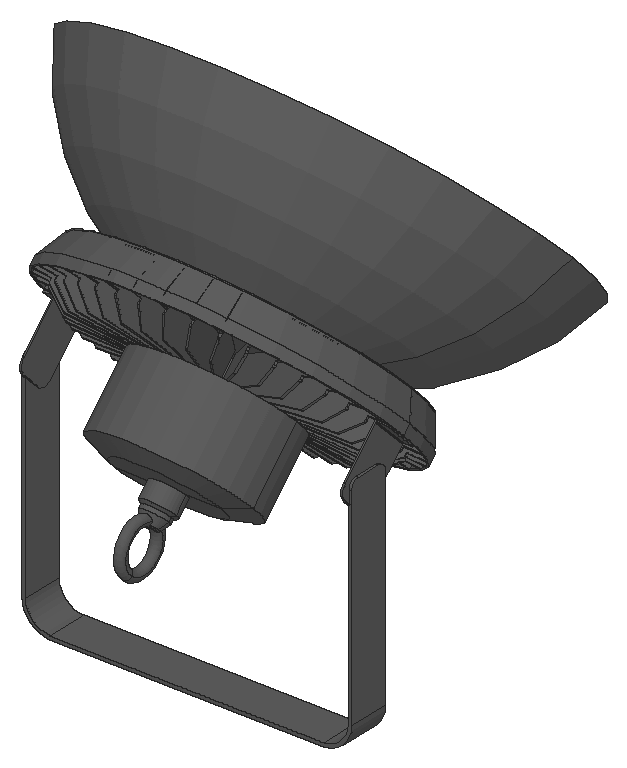
Revit family "0039363+0039354+0039357 Sylvania Lighting Fixture START HighBay IP65 DALI 19000lm 840 MB with BRACKET and ALU SHADE BLACK COLOR FOR 13 19KLM", category Lighting Fixtures, host Face, Revit 2016 (continued)
Definition of nested family "Start LED Highbay DALI Head"
  Nested families
    nested 6: "Start Highbay Rib" at (0, 0, 80.875) x (0.7071, 0.7071, 0) z (0, 0, 1), type "Type Name", detail levels medium+fine
      with SuspensionHeight_FEILO 2.6 mm, WidthStraight_FEILO 4.7 mm, WidthRingChamfer_FEILO 12.9 mm, WidthCurved_FEILO 26.2 mm, WidthCurvedRing_FEILO 4.7 mm, SizeS_FEILO no, Rib4_FEILO 14.6 mm, Rib3_FEILO 20.2 mm, Rib2_FEILO 4.5 mm, Rib1_FEILO 19 mm, RadiusDiffuser_FEILO 120 mm, RHRadius3_FEILO 8.6 mm, RHRadius2_FEILO 14 mm, RHRadius1_FEILO 17.7 mm, RHHeight4_FEILO 9.2 mm, RHHeight3_FEILO 4.6 mm, RHHeight2_FEILO 2.6 mm, RHHeight1_FEILO 17.4 mm, HeightRing_FEILO 36.8 mm, HeightRingChamfer_FEILO 26.6 mm, EyeThickness_FEILO 10.5 mm, EyeThicknessHalf_FEILO 5.25 mm, EyeInner_FEILO 17.3 mm, DriverVerticalStraight_FEILO 57 mm, DriverVerticalChamfer_FEILO 9.5 mm, DriverRadius_FEILO 76.4 mm, DriverRadiusTop_FEILO 52.4 mm, DriverBottom_FEILO 74 mm, Radius_FEILO 169.5 mm
    nested 7: "Start Highbay Rib" at (0, 0, 80.875) x (0.5878, 0.809, 0) z (0, 0, 1), type "Type Name", detail levels medium+fine
      with SuspensionHeight_FEILO 2.6 mm, WidthStraight_FEILO 4.7 mm, WidthRingChamfer_FEILO 12.9 mm, WidthCurved_FEILO 26.2 mm, WidthCurvedRing_FEILO 4.7 mm, SizeS_FEILO no, Rib4_FEILO 14.6 mm, Rib3_FEILO 20.2 mm, Rib2_FEILO 4.5 mm, Rib1_FEILO 19 mm, RadiusDiffuser_FEILO 120 mm, RHRadius3_FEILO 8.6 mm, RHRadius2_FEILO 14 mm, RHRadius1_FEILO 17.7 mm, RHHeight4_FEILO 9.2 mm, RHHeight3_FEILO 4.6 mm, RHHeight2_FEILO 2.6 mm, RHHeight1_FEILO 17.4 mm, HeightRing_FEILO 36.8 mm, HeightRingChamfer_FEILO 26.6 mm, EyeThickness_FEILO 10.5 mm, EyeThicknessHalf_FEILO 5.25 mm, EyeInner_FEILO 17.3 mm, DriverVerticalStraight_FEILO 57 mm, DriverVerticalChamfer_FEILO 9.5 mm, DriverRadius_FEILO 76.4 mm, DriverRadiusTop_FEILO 52.4 mm, DriverBottom_FEILO 74 mm, Radius_FEILO 169.5 mm
    nested 8: "Start Highbay Rib" at (0, 0, 80.875) x (0.454, 0.891, 0) z (0, 0, 1), type "Type Name", detail levels medium+fine
      with SuspensionHeight_FEILO 2.6 mm, WidthStraight_FEILO 4.7 mm, WidthRingChamfer_FEILO 12.9 mm, WidthCurved_FEILO 26.2 mm, WidthCurvedRing_FEILO 4.7 mm, SizeS_FEILO no, Rib4_FEILO 14.6 mm, Rib3_FEILO 20.2 mm, Rib2_FEILO 4.5 mm, Rib1_FEILO 19 mm, RadiusDiffuser_FEILO 120 mm, RHRadius3_FEILO 8.6 mm, RHRadius2_FEILO 14 mm, RHRadius1_FEILO 17.7 mm, RHHeight4_FEILO 9.2 mm, RHHeight3_FEILO 4.6 mm, RHHeight2_FEILO 2.6 mm, RHHeight1_FEILO 17.4 mm, HeightRing_FEILO 36.8 mm, HeightRingChamfer_FEILO 26.6 mm, EyeThickness_FEILO 10.5 mm, EyeThicknessHalf_FEILO 5.25 mm, EyeInner_FEILO 17.3 mm, DriverVerticalStraight_FEILO 57 mm, DriverVerticalChamfer_FEILO 9.5 mm, DriverRadius_FEILO 76.4 mm, DriverRadiusTop_FEILO 52.4 mm, DriverBottom_FEILO 74 mm, Radius_FEILO 169.5 mm
    nested 9: "Start Highbay Rib" at (0, 0, 80.875) x (0.309, 0.9511, 0) z (0, 0, 1), type "Type Name", detail levels medium+fine
      with SuspensionHeight_FEILO 2.6 mm, WidthStraight_FEILO 4.7 mm, WidthRingChamfer_FEILO 12.9 mm, WidthCurved_FEILO 26.2 mm, WidthCurvedRing_FEILO 4.7 mm, SizeS_FEILO no, Rib4_FEILO 14.6 mm, Rib3_FEILO 20.2 mm, Rib2_FEILO 4.5 mm, Rib1_FEILO 19 mm, RadiusDiffuser_FEILO 120 mm, RHRadius3_FEILO 8.6 mm, RHRadius2_FEILO 14 mm, RHRadius1_FEILO 17.7 mm, RHHeight4_FEILO 9.2 mm, RHHeight3_FEILO 4.6 mm, RHHeight2_FEILO 2.6 mm, RHHeight1_FEILO 17.4 mm, HeightRing_FEILO 36.8 mm, HeightRingChamfer_FEILO 26.6 mm, EyeThickness_FEILO 10.5 mm, EyeThicknessHalf_FEILO 5.25 mm, EyeInner_FEILO 17.3 mm, DriverVerticalStraight_FEILO 57 mm, DriverVerticalChamfer_FEILO 9.5 mm, DriverRadius_FEILO 76.4 mm, DriverRadiusTop_FEILO 52.4 mm, DriverBottom_FEILO 74 mm, Radius_FEILO 169.5 mm
    nested 10: "Start Highbay Rib" at (0, 0, 80.875) x (0.1564, 0.9877, 0) z (0, 0, 1), type "Type Name", detail levels medium+fine
      with SuspensionHeight_FEILO 2.6 mm, WidthStraight_FEILO 4.7 mm, WidthRingChamfer_FEILO 12.9 mm, WidthCurved_FEILO 26.2 mm, WidthCurvedRing_FEILO 4.7 mm, SizeS_FEILO no, Rib4_FEILO 14.6 mm, Rib3_FEILO 20.2 mm, Rib2_FEILO 4.5 mm, Rib1_FEILO 19 mm, RadiusDiffuser_FEILO 120 mm, RHRadius3_FEILO 8.6 mm, RHRadius2_FEILO 14 mm, RHRadius1_FEILO 17.7 mm, RHHeight4_FEILO 9.2 mm, RHHeight3_FEILO 4.6 mm, RHHeight2_FEILO 2.6 mm, RHHeight1_FEILO 17.4 mm, HeightRing_FEILO 36.8 mm, HeightRingChamfer_FEILO 26.6 mm, EyeThickness_FEILO 10.5 mm, EyeThicknessHalf_FEILO 5.25 mm, EyeInner_FEILO 17.3 mm, DriverVerticalStraight_FEILO 57 mm, DriverVerticalChamfer_FEILO 9.5 mm, DriverRadius_FEILO 76.4 mm, DriverRadiusTop_FEILO 52.4 mm, DriverBottom_FEILO 74 mm, Radius_FEILO 169.5 mm
    nested 11: "Start Highbay Rib" at (0, 0, 80.875) x (0, 1, 0) z (0, 0, 1), type "Type Name", detail levels medium+fine
      with SuspensionHeight_FEILO 2.6 mm, WidthStraight_FEILO 4.7 mm, WidthRingChamfer_FEILO 12.9 mm, WidthCurved_FEILO 26.2 mm, WidthCurvedRing_FEILO 4.7 mm, SizeS_FEILO no, Rib4_FEILO 14.6 mm, Rib3_FEILO 20.2 mm, Rib2_FEILO 4.5 mm, Rib1_FEILO 19 mm, RadiusDiffuser_FEILO 120 mm, RHRadius3_FEILO 8.6 mm, RHRadius2_FEILO 14 mm, RHRadius1_FEILO 17.7 mm, RHHeight4_FEILO 9.2 mm, RHHeight3_FEILO 4.6 mm, RHHeight2_FEILO 2.6 mm, RHHeight1_FEILO 17.4 mm, HeightRing_FEILO 36.8 mm, HeightRingChamfer_FEILO 26.6 mm, EyeThickness_FEILO 10.5 mm, EyeThicknessHalf_FEILO 5.25 mm, EyeInner_FEILO 17.3 mm, DriverVerticalStraight_FEILO 57 mm, DriverVerticalChamfer_FEILO 9.5 mm, DriverRadius_FEILO 76.4 mm, DriverRadiusTop_FEILO 52.4 mm, DriverBottom_FEILO 74 mm, Radius_FEILO 169.5 mm
    nested 12: "Start Highbay Rib" at (0, 0, 80.875) x (-0.1564, 0.9877, 0) z (0, 0, 1), type "Type Name", detail levels medium+fine
      with SuspensionHeight_FEILO 2.6 mm, WidthStraight_FEILO 4.7 mm, WidthRingChamfer_FEILO 12.9 mm, WidthCurved_FEILO 26.2 mm, WidthCurvedRing_FEILO 4.7 mm, SizeS_FEILO no, Rib4_FEILO 14.6 mm, Rib3_FEILO 20.2 mm, Rib2_FEILO 4.5 mm, Rib1_FEILO 19 mm, RadiusDiffuser_FEILO 120 mm, RHRadius3_FEILO 8.6 mm, RHRadius2_FEILO 14 mm, RHRadius1_FEILO 17.7 mm, RHHeight4_FEILO 9.2 mm, RHHeight3_FEILO 4.6 mm, RHHeight2_FEILO 2.6 mm, RHHeight1_FEILO 17.4 mm, HeightRing_FEILO 36.8 mm, HeightRingChamfer_FEILO 26.6 mm, EyeThickness_FEILO 10.5 mm, EyeThicknessHalf_FEILO 5.25 mm, EyeInner_FEILO 17.3 mm, DriverVerticalStraight_FEILO 57 mm, DriverVerticalChamfer_FEILO 9.5 mm, DriverRadius_FEILO 76.4 mm, DriverRadiusTop_FEILO 52.4 mm, DriverBottom_FEILO 74 mm, Radius_FEILO 169.5 mm
    nested 13: "Start Highbay Rib" at (0, 0, 80.875) x (-0.309, 0.9511, 0) z (0, 0, 1), type "Type Name", detail levels medium+fine
      with SuspensionHeight_FEILO 2.6 mm, WidthStraight_FEILO 4.7 mm, WidthRingChamfer_FEILO 12.9 mm, WidthCurved_FEILO 26.2 mm, WidthCurvedRing_FEILO 4.7 mm, SizeS_FEILO no, Rib4_FEILO 14.6 mm, Rib3_FEILO 20.2 mm, Rib2_FEILO 4.5 mm, Rib1_FEILO 19 mm, RadiusDiffuser_FEILO 120 mm, RHRadius3_FEILO 8.6 mm, RHRadius2_FEILO 14 mm, RHRadius1_FEILO 17.7 mm, RHHeight4_FEILO 9.2 mm, RHHeight3_FEILO 4.6 mm, RHHeight2_FEILO 2.6 mm, RHHeight1_FEILO 17.4 mm, HeightRing_FEILO 36.8 mm, HeightRingChamfer_FEILO 26.6 mm, EyeThickness_FEILO 10.5 mm, EyeThicknessHalf_FEILO 5.25 mm, EyeInner_FEILO 17.3 mm, DriverVerticalStraight_FEILO 57 mm, DriverVerticalChamfer_FEILO 9.5 mm, DriverRadius_FEILO 76.4 mm, DriverRadiusTop_FEILO 52.4 mm, DriverBottom_FEILO 74 mm, Radius_FEILO 169.5 mm
    nested 14: "Start Highbay Rib" at (0, 0, 80.875) x (-0.454, 0.891, 0) z (0, 0, 1), type "Type Name", detail levels medium+fine
      with SuspensionHeight_FEILO 2.6 mm, WidthStraight_FEILO 4.7 mm, WidthRingChamfer_FEILO 12.9 mm, WidthCurved_FEILO 26.2 mm, WidthCurvedRing_FEILO 4.7 mm, SizeS_FEILO no, Rib4_FEILO 14.6 mm, Rib3_FEILO 20.2 mm, Rib2_FEILO 4.5 mm, Rib1_FEILO 19 mm, RadiusDiffuser_FEILO 120 mm, RHRadius3_FEILO 8.6 mm, RHRadius2_FEILO 14 mm, RHRadius1_FEILO 17.7 mm, RHHeight4_FEILO 9.2 mm, RHHeight3_FEILO 4.6 mm, RHHeight2_FEILO 2.6 mm, RHHeight1_FEILO 17.4 mm, HeightRing_FEILO 36.8 mm, HeightRingChamfer_FEILO 26.6 mm, EyeThickness_FEILO 10.5 mm, EyeThicknessHalf_FEILO 5.25 mm, EyeInner_FEILO 17.3 mm, DriverVerticalStraight_FEILO 57 mm, DriverVerticalChamfer_FEILO 9.5 mm, DriverRadius_FEILO 76.4 mm, DriverRadiusTop_FEILO 52.4 mm, DriverBottom_FEILO 74 mm, Radius_FEILO 169.5 mm
    nested 15: "Start Highbay Rib" at (0, 0, 80.875) x (-0.5878, 0.809, 0) z (0, 0, 1), type "Type Name", detail levels medium+fine
      with SuspensionHeight_FEILO 2.6 mm, WidthStraight_FEILO 4.7 mm, WidthRingChamfer_FEILO 12.9 mm, WidthCurved_FEILO 26.2 mm, WidthCurvedRing_FEILO 4.7 mm, SizeS_FEILO no, Rib4_FEILO 14.6 mm, Rib3_FEILO 20.2 mm, Rib2_FEILO 4.5 mm, Rib1_FEILO 19 mm, RadiusDiffuser_FEILO 120 mm, RHRadius3_FEILO 8.6 mm, RHRadius2_FEILO 14 mm, RHRadius1_FEILO 17.7 mm, RHHeight4_FEILO 9.2 mm, RHHeight3_FEILO 4.6 mm, RHHeight2_FEILO 2.6 mm, RHHeight1_FEILO 17.4 mm, HeightRing_FEILO 36.8 mm, HeightRingChamfer_FEILO 26.6 mm, EyeThickness_FEILO 10.5 mm, EyeThicknessHalf_FEILO 5.25 mm, EyeInner_FEILO 17.3 mm, DriverVerticalStraight_FEILO 57 mm, DriverVerticalChamfer_FEILO 9.5 mm, DriverRadius_FEILO 76.4 mm, DriverRadiusTop_FEILO 52.4 mm, DriverBottom_FEILO 74 mm, Radius_FEILO 169.5 mm
    nested 16: "Start Highbay Rib" at (0, 0, 80.875) x (-0.7071, 0.7071, 0) z (0, 0, 1), type "Type Name", detail levels medium+fine
      with SuspensionHeight_FEILO 2.6 mm, WidthStraight_FEILO 4.7 mm, WidthRingChamfer_FEILO 12.9 mm, WidthCurved_FEILO 26.2 mm, WidthCurvedRing_FEILO 4.7 mm, SizeS_FEILO no, Rib4_FEILO 14.6 mm, Rib3_FEILO 20.2 mm, Rib2_FEILO 4.5 mm, Rib1_FEILO 19 mm, RadiusDiffuser_FEILO 120 mm, RHRadius3_FEILO 8.6 mm, RHRadius2_FEILO 14 mm, RHRadius1_FEILO 17.7 mm, RHHeight4_FEILO 9.2 mm, RHHeight3_FEILO 4.6 mm, RHHeight2_FEILO 2.6 mm, RHHeight1_FEILO 17.4 mm, HeightRing_FEILO 36.8 mm, HeightRingChamfer_FEILO 26.6 mm, EyeThickness_FEILO 10.5 mm, EyeThicknessHalf_FEILO 5.25 mm, EyeInner_FEILO 17.3 mm, DriverVerticalStraight_FEILO 57 mm, DriverVerticalChamfer_FEILO 9.5 mm, DriverRadius_FEILO 76.4 mm, DriverRadiusTop_FEILO 52.4 mm, DriverBottom_FEILO 74 mm, Radius_FEILO 169.5 mm
    nested 17: "Start Highbay Rib" at (0, 0, 80.875) x (-0.809, 0.5878, 0) z (0, 0, 1), type "Type Name", detail levels medium+fine
      with SuspensionHeight_FEILO 2.6 mm, WidthStraight_FEILO 4.7 mm, WidthRingChamfer_FEILO 12.9 mm, WidthCurved_FEILO 26.2 mm, WidthCurvedRing_FEILO 4.7 mm, SizeS_FEILO no, Rib4_FEILO 14.6 mm, Rib3_FEILO 20.2 mm, Rib2_FEILO 4.5 mm, Rib1_FEILO 19 mm, RadiusDiffuser_FEILO 120 mm, RHRadius3_FEILO 8.6 mm, RHRadius2_FEILO 14 mm, RHRadius1_FEILO 17.7 mm, RHHeight4_FEILO 9.2 mm, RHHeight3_FEILO 4.6 mm, RHHeight2_FEILO 2.6 mm, RHHeight1_FEILO 17.4 mm, HeightRing_FEILO 36.8 mm, HeightRingChamfer_FEILO 26.6 mm, EyeThickness_FEILO 10.5 mm, EyeThicknessHalf_FEILO 5.25 mm, EyeInner_FEILO 17.3 mm, DriverVerticalStraight_FEILO 57 mm, DriverVerticalChamfer_FEILO 9.5 mm, DriverRadius_FEILO 76.4 mm, DriverRadiusTop_FEILO 52.4 mm, DriverBottom_FEILO 74 mm, Radius_FEILO 169.5 mm
    nested 18: "Start Highbay Rib" at (0, 0, 80.875) x (-0.891, 0.454, 0) z (0, 0, 1), type "Type Name", detail levels medium+fine
      with SuspensionHeight_FEILO 2.6 mm, WidthStraight_FEILO 4.7 mm, WidthRingChamfer_FEILO 12.9 mm, WidthCurved_FEILO 26.2 mm, WidthCurvedRing_FEILO 4.7 mm, SizeS_FEILO no, Rib4_FEILO 14.6 mm, Rib3_FEILO 20.2 mm, Rib2_FEILO 4.5 mm, Rib1_FEILO 19 mm, RadiusDiffuser_FEILO 120 mm, RHRadius3_FEILO 8.6 mm, RHRadius2_FEILO 14 mm, RHRadius1_FEILO 17.7 mm, RHHeight4_FEILO 9.2 mm, RHHeight3_FEILO 4.6 mm, RHHeight2_FEILO 2.6 mm, RHHeight1_FEILO 17.4 mm, HeightRing_FEILO 36.8 mm, HeightRingChamfer_FEILO 26.6 mm, EyeThickness_FEILO 10.5 mm, EyeThicknessHalf_FEILO 5.25 mm, EyeInner_FEILO 17.3 mm, DriverVerticalStraight_FEILO 57 mm, DriverVerticalChamfer_FEILO 9.5 mm, DriverRadius_FEILO 76.4 mm, DriverRadiusTop_FEILO 52.4 mm, DriverBottom_FEILO 74 mm, Radius_FEILO 169.5 mm
    nested 19: "Start Highbay Rib" at (0, 0, 80.875) x (-0.9511, 0.309, 0) z (0, 0, 1), type "Type Name", detail levels medium+fine
      with SuspensionHeight_FEILO 2.6 mm, WidthStraight_FEILO 4.7 mm, WidthRingChamfer_FEILO 12.9 mm, WidthCurved_FEILO 26.2 mm, WidthCurvedRing_FEILO 4.7 mm, SizeS_FEILO no, Rib4_FEILO 14.6 mm, Rib3_FEILO 20.2 mm, Rib2_FEILO 4.5 mm, Rib1_FEILO 19 mm, RadiusDiffuser_FEILO 120 mm, RHRadius3_FEILO 8.6 mm, RHRadius2_FEILO 14 mm, RHRadius1_FEILO 17.7 mm, RHHeight4_FEILO 9.2 mm, RHHeight3_FEILO 4.6 mm, RHHeight2_FEILO 2.6 mm, RHHeight1_FEILO 17.4 mm, HeightRing_FEILO 36.8 mm, HeightRingChamfer_FEILO 26.6 mm, EyeThickness_FEILO 10.5 mm, EyeThicknessHalf_FEILO 5.25 mm, EyeInner_FEILO 17.3 mm, DriverVerticalStraight_FEILO 57 mm, DriverVerticalChamfer_FEILO 9.5 mm, DriverRadius_FEILO 76.4 mm, DriverRadiusTop_FEILO 52.4 mm, DriverBottom_FEILO 74 mm, Radius_FEILO 169.5 mm
    nested 20: "Start Highbay Rib" at (0, 0, 80.875) x (-0.9877, 0.1564, 0) z (0, 0, 1), type "Type Name", detail levels medium+fine
      with SuspensionHeight_FEILO 2.6 mm, WidthStraight_FEILO 4.7 mm, WidthRingChamfer_FEILO 12.9 mm, WidthCurved_FEILO 26.2 mm, WidthCurvedRing_FEILO 4.7 mm, SizeS_FEILO no, Rib4_FEILO 14.6 mm, Rib3_FEILO 20.2 mm, Rib2_FEILO 4.5 mm, Rib1_FEILO 19 mm, RadiusDiffuser_FEILO 120 mm, RHRadius3_FEILO 8.6 mm, RHRadius2_FEILO 14 mm, RHRadius1_FEILO 17.7 mm, RHHeight4_FEILO 9.2 mm, RHHeight3_FEILO 4.6 mm, RHHeight2_FEILO 2.6 mm, RHHeight1_FEILO 17.4 mm, HeightRing_FEILO 36.8 mm, HeightRingChamfer_FEILO 26.6 mm, EyeThickness_FEILO 10.5 mm, EyeThicknessHalf_FEILO 5.25 mm, EyeInner_FEILO 17.3 mm, DriverVerticalStraight_FEILO 57 mm, DriverVerticalChamfer_FEILO 9.5 mm, DriverRadius_FEILO 76.4 mm, DriverRadiusTop_FEILO 52.4 mm, DriverBottom_FEILO 74 mm, Radius_FEILO 169.5 mm
    nested 21: "Start Highbay Rib" at (0, 0, 80.875) x (-1, 0, 0) z (0, 0, 1), type "Type Name", detail levels medium+fine
      with SuspensionHeight_FEILO 2.6 mm, WidthStraight_FEILO 4.7 mm, WidthRingChamfer_FEILO 12.9 mm, WidthCurved_FEILO 26.2 mm, WidthCurvedRing_FEILO 4.7 mm, SizeS_FEILO no, Rib4_FEILO 14.6 mm, Rib3_FEILO 20.2 mm, Rib2_FEILO 4.5 mm, Rib1_FEILO 19 mm, RadiusDiffuser_FEILO 120 mm, RHRadius3_FEILO 8.6 mm, RHRadius2_FEILO 14 mm, RHRadius1_FEILO 17.7 mm, RHHeight4_FEILO 9.2 mm, RHHeight3_FEILO 4.6 mm, RHHeight2_FEILO 2.6 mm, RHHeight1_FEILO 17.4 mm, HeightRing_FEILO 36.8 mm, HeightRingChamfer_FEILO 26.6 mm, EyeThickness_FEILO 10.5 mm, EyeThicknessHalf_FEILO 5.25 mm, EyeInner_FEILO 17.3 mm, DriverVerticalStraight_FEILO 57 mm, DriverVerticalChamfer_FEILO 9.5 mm, DriverRadius_FEILO 76.4 mm, DriverRadiusTop_FEILO 52.4 mm, DriverBottom_FEILO 74 mm, Radius_FEILO 169.5 mm
    nested 22: "Start Highbay Rib" at (0, 0, 80.875) x (-0.9877, -0.1564, 0) z (0, 0, 1), type "Type Name", detail levels medium+fine
      with SuspensionHeight_FEILO 2.6 mm, WidthStraight_FEILO 4.7 mm, WidthRingChamfer_FEILO 12.9 mm, WidthCurved_FEILO 26.2 mm, WidthCurvedRing_FEILO 4.7 mm, SizeS_FEILO no, Rib4_FEILO 14.6 mm, Rib3_FEILO 20.2 mm, Rib2_FEILO 4.5 mm, Rib1_FEILO 19 mm, RadiusDiffuser_FEILO 120 mm, RHRadius3_FEILO 8.6 mm, RHRadius2_FEILO 14 mm, RHRadius1_FEILO 17.7 mm, RHHeight4_FEILO 9.2 mm, RHHeight3_FEILO 4.6 mm, RHHeight2_FEILO 2.6 mm, RHHeight1_FEILO 17.4 mm, HeightRing_FEILO 36.8 mm, HeightRingChamfer_FEILO 26.6 mm, EyeThickness_FEILO 10.5 mm, EyeThicknessHalf_FEILO 5.25 mm, EyeInner_FEILO 17.3 mm, DriverVerticalStraight_FEILO 57 mm, DriverVerticalChamfer_FEILO 9.5 mm, DriverRadius_FEILO 76.4 mm, DriverRadiusTop_FEILO 52.4 mm, DriverBottom_FEILO 74 mm, Radius_FEILO 169.5 mm
    nested 23: "Start Highbay Rib" at (0, 0, 80.875) x (-0.9511, -0.309, 0) z (0, 0, 1), type "Type Name", detail levels medium+fine
      with SuspensionHeight_FEILO 2.6 mm, WidthStraight_FEILO 4.7 mm, WidthRingChamfer_FEILO 12.9 mm, WidthCurved_FEILO 26.2 mm, WidthCurvedRing_FEILO 4.7 mm, SizeS_FEILO no, Rib4_FEILO 14.6 mm, Rib3_FEILO 20.2 mm, Rib2_FEILO 4.5 mm, Rib1_FEILO 19 mm, RadiusDiffuser_FEILO 120 mm, RHRadius3_FEILO 8.6 mm, RHRadius2_FEILO 14 mm, RHRadius1_FEILO 17.7 mm, RHHeight4_FEILO 9.2 mm, RHHeight3_FEILO 4.6 mm, RHHeight2_FEILO 2.6 mm, RHHeight1_FEILO 17.4 mm, HeightRing_FEILO 36.8 mm, HeightRingChamfer_FEILO 26.6 mm, EyeThickness_FEILO 10.5 mm, EyeThicknessHalf_FEILO 5.25 mm, EyeInner_FEILO 17.3 mm, DriverVerticalStraight_FEILO 57 mm, DriverVerticalChamfer_FEILO 9.5 mm, DriverRadius_FEILO 76.4 mm, DriverRadiusTop_FEILO 52.4 mm, DriverBottom_FEILO 74 mm, Radius_FEILO 169.5 mm
    nested 24: "Start Highbay Rib" at (0, 0, 80.875) x (-0.891, -0.454, 0) z (0, 0, 1), type "Type Name", detail levels medium+fine
      with SuspensionHeight_FEILO 2.6 mm, WidthStraight_FEILO 4.7 mm, WidthRingChamfer_FEILO 12.9 mm, WidthCurved_FEILO 26.2 mm, WidthCurvedRing_FEILO 4.7 mm, SizeS_FEILO no, Rib4_FEILO 14.6 mm, Rib3_FEILO 20.2 mm, Rib2_FEILO 4.5 mm, Rib1_FEILO 19 mm, RadiusDiffuser_FEILO 120 mm, RHRadius3_FEILO 8.6 mm, RHRadius2_FEILO 14 mm, RHRadius1_FEILO 17.7 mm, RHHeight4_FEILO 9.2 mm, RHHeight3_FEILO 4.6 mm, RHHeight2_FEILO 2.6 mm, RHHeight1_FEILO 17.4 mm, HeightRing_FEILO 36.8 mm, HeightRingChamfer_FEILO 26.6 mm, EyeThickness_FEILO 10.5 mm, EyeThicknessHalf_FEILO 5.25 mm, EyeInner_FEILO 17.3 mm, DriverVerticalStraight_FEILO 57 mm, DriverVerticalChamfer_FEILO 9.5 mm, DriverRadius_FEILO 76.4 mm, DriverRadiusTop_FEILO 52.4 mm, DriverBottom_FEILO 74 mm, Radius_FEILO 169.5 mm
    nested 25: "Start Highbay Rib" at (0, 0, 80.875) x (-0.809, -0.5878, 0) z (0, 0, 1), type "Type Name", detail levels medium+fine
      with SuspensionHeight_FEILO 2.6 mm, WidthStraight_FEILO 4.7 mm, WidthRingChamfer_FEILO 12.9 mm, WidthCurved_FEILO 26.2 mm, WidthCurvedRing_FEILO 4.7 mm, SizeS_FEILO no, Rib4_FEILO 14.6 mm, Rib3_FEILO 20.2 mm, Rib2_FEILO 4.5 mm, Rib1_FEILO 19 mm, RadiusDiffuser_FEILO 120 mm, RHRadius3_FEILO 8.6 mm, RHRadius2_FEILO 14 mm, RHRadius1_FEILO 17.7 mm, RHHeight4_FEILO 9.2 mm, RHHeight3_FEILO 4.6 mm, RHHeight2_FEILO 2.6 mm, RHHeight1_FEILO 17.4 mm, HeightRing_FEILO 36.8 mm, HeightRingChamfer_FEILO 26.6 mm, EyeThickness_FEILO 10.5 mm, EyeThicknessHalf_FEILO 5.25 mm, EyeInner_FEILO 17.3 mm, DriverVerticalStraight_FEILO 57 mm, DriverVerticalChamfer_FEILO 9.5 mm, DriverRadius_FEILO 76.4 mm, DriverRadiusTop_FEILO 52.4 mm, DriverBottom_FEILO 74 mm, Radius_FEILO 169.5 mm
    nested 26: "Start Highbay Rib" at (0, 0, 80.875) x (-0.7071, -0.7071, 0) z (0, 0, 1), type "Type Name", detail levels medium+fine
      with SuspensionHeight_FEILO 2.6 mm, WidthStraight_FEILO 4.7 mm, WidthRingChamfer_FEILO 12.9 mm, WidthCurved_FEILO 26.2 mm, WidthCurvedRing_FEILO 4.7 mm, SizeS_FEILO no, Rib4_FEILO 14.6 mm, Rib3_FEILO 20.2 mm, Rib2_FEILO 4.5 mm, Rib1_FEILO 19 mm, RadiusDiffuser_FEILO 120 mm, RHRadius3_FEILO 8.6 mm, RHRadius2_FEILO 14 mm, RHRadius1_FEILO 17.7 mm, RHHeight4_FEILO 9.2 mm, RHHeight3_FEILO 4.6 mm, RHHeight2_FEILO 2.6 mm, RHHeight1_FEILO 17.4 mm, HeightRing_FEILO 36.8 mm, HeightRingChamfer_FEILO 26.6 mm, EyeThickness_FEILO 10.5 mm, EyeThicknessHalf_FEILO 5.25 mm, EyeInner_FEILO 17.3 mm, DriverVerticalStraight_FEILO 57 mm, DriverVerticalChamfer_FEILO 9.5 mm, DriverRadius_FEILO 76.4 mm, DriverRadiusTop_FEILO 52.4 mm, DriverBottom_FEILO 74 mm, Radius_FEILO 169.5 mm
    nested 27: "Start Highbay Rib" at (0, 0, 80.875) x (-0.5878, -0.809, 0) z (0, 0, 1), type "Type Name", detail levels medium+fine
      with SuspensionHeight_FEILO 2.6 mm, WidthStraight_FEILO 4.7 mm, WidthRingChamfer_FEILO 12.9 mm, WidthCurved_FEILO 26.2 mm, WidthCurvedRing_FEILO 4.7 mm, SizeS_FEILO no, Rib4_FEILO 14.6 mm, Rib3_FEILO 20.2 mm, Rib2_FEILO 4.5 mm, Rib1_FEILO 19 mm, RadiusDiffuser_FEILO 120 mm, RHRadius3_FEILO 8.6 mm, RHRadius2_FEILO 14 mm, RHRadius1_FEILO 17.7 mm, RHHeight4_FEILO 9.2 mm, RHHeight3_FEILO 4.6 mm, RHHeight2_FEILO 2.6 mm, RHHeight1_FEILO 17.4 mm, HeightRing_FEILO 36.8 mm, HeightRingChamfer_FEILO 26.6 mm, EyeThickness_FEILO 10.5 mm, EyeThicknessHalf_FEILO 5.25 mm, EyeInner_FEILO 17.3 mm, DriverVerticalStraight_FEILO 57 mm, DriverVerticalChamfer_FEILO 9.5 mm, DriverRadius_FEILO 76.4 mm, DriverRadiusTop_FEILO 52.4 mm, DriverBottom_FEILO 74 mm, Radius_FEILO 169.5 mm
    nested 28: "Start Highbay Rib" at (0, 0, 80.875) x (-0.454, -0.891, 0) z (0, 0, 1), type "Type Name", detail levels medium+fine
      with SuspensionHeight_FEILO 2.6 mm, WidthStraight_FEILO 4.7 mm, WidthRingChamfer_FEILO 12.9 mm, WidthCurved_FEILO 26.2 mm, WidthCurvedRing_FEILO 4.7 mm, SizeS_FEILO no, Rib4_FEILO 14.6 mm, Rib3_FEILO 20.2 mm, Rib2_FEILO 4.5 mm, Rib1_FEILO 19 mm, RadiusDiffuser_FEILO 120 mm, RHRadius3_FEILO 8.6 mm, RHRadius2_FEILO 14 mm, RHRadius1_FEILO 17.7 mm, RHHeight4_FEILO 9.2 mm, RHHeight3_FEILO 4.6 mm, RHHeight2_FEILO 2.6 mm, RHHeight1_FEILO 17.4 mm, HeightRing_FEILO 36.8 mm, HeightRingChamfer_FEILO 26.6 mm, EyeThickness_FEILO 10.5 mm, EyeThicknessHalf_FEILO 5.25 mm, EyeInner_FEILO 17.3 mm, DriverVerticalStraight_FEILO 57 mm, DriverVerticalChamfer_FEILO 9.5 mm, DriverRadius_FEILO 76.4 mm, DriverRadiusTop_FEILO 52.4 mm, DriverBottom_FEILO 74 mm, Radius_FEILO 169.5 mm
    nested 29: "Start Highbay Rib" at (0, 0, 80.875) x (-0.309, -0.9511, 0) z (0, 0, 1), type "Type Name", detail levels medium+fine
      with SuspensionHeight_FEILO 2.6 mm, WidthStraight_FEILO 4.7 mm, WidthRingChamfer_FEILO 12.9 mm, WidthCurved_FEILO 26.2 mm, WidthCurvedRing_FEILO 4.7 mm, SizeS_FEILO no, Rib4_FEILO 14.6 mm, Rib3_FEILO 20.2 mm, Rib2_FEILO 4.5 mm, Rib1_FEILO 19 mm, RadiusDiffuser_FEILO 120 mm, RHRadius3_FEILO 8.6 mm, RHRadius2_FEILO 14 mm, RHRadius1_FEILO 17.7 mm, RHHeight4_FEILO 9.2 mm, RHHeight3_FEILO 4.6 mm, RHHeight2_FEILO 2.6 mm, RHHeight1_FEILO 17.4 mm, HeightRing_FEILO 36.8 mm, HeightRingChamfer_FEILO 26.6 mm, EyeThickness_FEILO 10.5 mm, EyeThicknessHalf_FEILO 5.25 mm, EyeInner_FEILO 17.3 mm, DriverVerticalStraight_FEILO 57 mm, DriverVerticalChamfer_FEILO 9.5 mm, DriverRadius_FEILO 76.4 mm, DriverRadiusTop_FEILO 52.4 mm, DriverBottom_FEILO 74 mm, Radius_FEILO 169.5 mm
    nested 30: "Start Highbay Rib" at (0, 0, 80.875) x (-0.1564, -0.9877, 0) z (0, 0, 1), type "Type Name", detail levels medium+fine
      with SuspensionHeight_FEILO 2.6 mm, WidthStraight_FEILO 4.7 mm, WidthRingChamfer_FEILO 12.9 mm, WidthCurved_FEILO 26.2 mm, WidthCurvedRing_FEILO 4.7 mm, SizeS_FEILO no, Rib4_FEILO 14.6 mm, Rib3_FEILO 20.2 mm, Rib2_FEILO 4.5 mm, Rib1_FEILO 19 mm, RadiusDiffuser_FEILO 120 mm, RHRadius3_FEILO 8.6 mm, RHRadius2_FEILO 14 mm, RHRadius1_FEILO 17.7 mm, RHHeight4_FEILO 9.2 mm, RHHeight3_FEILO 4.6 mm, RHHeight2_FEILO 2.6 mm, RHHeight1_FEILO 17.4 mm, HeightRing_FEILO 36.8 mm, HeightRingChamfer_FEILO 26.6 mm, EyeThickness_FEILO 10.5 mm, EyeThicknessHalf_FEILO 5.25 mm, EyeInner_FEILO 17.3 mm, DriverVerticalStraight_FEILO 57 mm, DriverVerticalChamfer_FEILO 9.5 mm, DriverRadius_FEILO 76.4 mm, DriverRadiusTop_FEILO 52.4 mm, DriverBottom_FEILO 74 mm, Radius_FEILO 169.5 mm
    nested 31: "Start Highbay Rib" at (0, 0, 80.875) x (0, -1, 0) z (0, 0, 1), type "Type Name", detail levels medium+fine
      with SuspensionHeight_FEILO 2.6 mm, WidthStraight_FEILO 4.7 mm, WidthRingChamfer_FEILO 12.9 mm, WidthCurved_FEILO 26.2 mm, WidthCurvedRing_FEILO 4.7 mm, SizeS_FEILO no, Rib4_FEILO 14.6 mm, Rib3_FEILO 20.2 mm, Rib2_FEILO 4.5 mm, Rib1_FEILO 19 mm, RadiusDiffuser_FEILO 120 mm, RHRadius3_FEILO 8.6 mm, RHRadius2_FEILO 14 mm, RHRadius1_FEILO 17.7 mm, RHHeight4_FEILO 9.2 mm, RHHeight3_FEILO 4.6 mm, RHHeight2_FEILO 2.6 mm, RHHeight1_FEILO 17.4 mm, HeightRing_FEILO 36.8 mm, HeightRingChamfer_FEILO 26.6 mm, EyeThickness_FEILO 10.5 mm, EyeThicknessHalf_FEILO 5.25 mm, EyeInner_FEILO 17.3 mm, DriverVerticalStraight_FEILO 57 mm, DriverVerticalChamfer_FEILO 9.5 mm, DriverRadius_FEILO 76.4 mm, DriverRadiusTop_FEILO 52.4 mm, DriverBottom_FEILO 74 mm, Radius_FEILO 169.5 mm
    nested 32: "Start Highbay Rib" at (0, 0, 80.875) x (0.1564, -0.9877, 0) z (0, 0, 1), type "Type Name", detail levels medium+fine
      with SuspensionHeight_FEILO 2.6 mm, WidthStraight_FEILO 4.7 mm, WidthRingChamfer_FEILO 12.9 mm, WidthCurved_FEILO 26.2 mm, WidthCurvedRing_FEILO 4.7 mm, SizeS_FEILO no, Rib4_FEILO 14.6 mm, Rib3_FEILO 20.2 mm, Rib2_FEILO 4.5 mm, Rib1_FEILO 19 mm, RadiusDiffuser_FEILO 120 mm, RHRadius3_FEILO 8.6 mm, RHRadius2_FEILO 14 mm, RHRadius1_FEILO 17.7 mm, RHHeight4_FEILO 9.2 mm, RHHeight3_FEILO 4.6 mm, RHHeight2_FEILO 2.6 mm, RHHeight1_FEILO 17.4 mm, HeightRing_FEILO 36.8 mm, HeightRingChamfer_FEILO 26.6 mm, EyeThickness_FEILO 10.5 mm, EyeThicknessHalf_FEILO 5.25 mm, EyeInner_FEILO 17.3 mm, DriverVerticalStraight_FEILO 57 mm, DriverVerticalChamfer_FEILO 9.5 mm, DriverRadius_FEILO 76.4 mm, DriverRadiusTop_FEILO 52.4 mm, DriverBottom_FEILO 74 mm, Radius_FEILO 169.5 mm
    nested 33: "Start Highbay Rib" at (0, 0, 80.875) x (0.309, -0.9511, 0) z (0, 0, 1), type "Type Name", detail levels medium+fine
      with SuspensionHeight_FEILO 2.6 mm, WidthStraight_FEILO 4.7 mm, WidthRingChamfer_FEILO 12.9 mm, WidthCurved_FEILO 26.2 mm, WidthCurvedRing_FEILO 4.7 mm, SizeS_FEILO no, Rib4_FEILO 14.6 mm, Rib3_FEILO 20.2 mm, Rib2_FEILO 4.5 mm, Rib1_FEILO 19 mm, RadiusDiffuser_FEILO 120 mm, RHRadius3_FEILO 8.6 mm, RHRadius2_FEILO 14 mm, RHRadius1_FEILO 17.7 mm, RHHeight4_FEILO 9.2 mm, RHHeight3_FEILO 4.6 mm, RHHeight2_FEILO 2.6 mm, RHHeight1_FEILO 17.4 mm, HeightRing_FEILO 36.8 mm, HeightRingChamfer_FEILO 26.6 mm, EyeThickness_FEILO 10.5 mm, EyeThicknessHalf_FEILO 5.25 mm, EyeInner_FEILO 17.3 mm, DriverVerticalStraight_FEILO 57 mm, DriverVerticalChamfer_FEILO 9.5 mm, DriverRadius_FEILO 76.4 mm, DriverRadiusTop_FEILO 52.4 mm, DriverBottom_FEILO 74 mm, Radius_FEILO 169.5 mm
    nested 34: "Start Highbay Rib" at (0, 0, 80.875) x (0.454, -0.891, 0) z (0, 0, 1), type "Type Name", detail levels medium+fine
      with SuspensionHeight_FEILO 2.6 mm, WidthStraight_FEILO 4.7 mm, WidthRingChamfer_FEILO 12.9 mm, WidthCurved_FEILO 26.2 mm, WidthCurvedRing_FEILO 4.7 mm, SizeS_FEILO no, Rib4_FEILO 14.6 mm, Rib3_FEILO 20.2 mm, Rib2_FEILO 4.5 mm, Rib1_FEILO 19 mm, RadiusDiffuser_FEILO 120 mm, RHRadius3_FEILO 8.6 mm, RHRadius2_FEILO 14 mm, RHRadius1_FEILO 17.7 mm, RHHeight4_FEILO 9.2 mm, RHHeight3_FEILO 4.6 mm, RHHeight2_FEILO 2.6 mm, RHHeight1_FEILO 17.4 mm, HeightRing_FEILO 36.8 mm, HeightRingChamfer_FEILO 26.6 mm, EyeThickness_FEILO 10.5 mm, EyeThicknessHalf_FEILO 5.25 mm, EyeInner_FEILO 17.3 mm, DriverVerticalStraight_FEILO 57 mm, DriverVerticalChamfer_FEILO 9.5 mm, DriverRadius_FEILO 76.4 mm, DriverRadiusTop_FEILO 52.4 mm, DriverBottom_FEILO 74 mm, Radius_FEILO 169.5 mm
    nested 35: "Start Highbay Rib" at (0, 0, 80.875) x (0.5878, -0.809, 0) z (0, 0, 1), type "Type Name", detail levels medium+fine
      with SuspensionHeight_FEILO 2.6 mm, WidthStraight_FEILO 4.7 mm, WidthRingChamfer_FEILO 12.9 mm, WidthCurved_FEILO 26.2 mm, WidthCurvedRing_FEILO 4.7 mm, SizeS_FEILO no, Rib4_FEILO 14.6 mm, Rib3_FEILO 20.2 mm, Rib2_FEILO 4.5 mm, Rib1_FEILO 19 mm, RadiusDiffuser_FEILO 120 mm, RHRadius3_FEILO 8.6 mm, RHRadius2_FEILO 14 mm, RHRadius1_FEILO 17.7 mm, RHHeight4_FEILO 9.2 mm, RHHeight3_FEILO 4.6 mm, RHHeight2_FEILO 2.6 mm, RHHeight1_FEILO 17.4 mm, HeightRing_FEILO 36.8 mm, HeightRingChamfer_FEILO 26.6 mm, EyeThickness_FEILO 10.5 mm, EyeThicknessHalf_FEILO 5.25 mm, EyeInner_FEILO 17.3 mm, DriverVerticalStraight_FEILO 57 mm, DriverVerticalChamfer_FEILO 9.5 mm, DriverRadius_FEILO 76.4 mm, DriverRadiusTop_FEILO 52.4 mm, DriverBottom_FEILO 74 mm, Radius_FEILO 169.5 mm
    nested 36: "Start Highbay Rib" at (0, 0, 80.875) x (0.7071, -0.7071, 0) z (0, 0, 1), type "Type Name", detail levels medium+fine
      with SuspensionHeight_FEILO 2.6 mm, WidthStraight_FEILO 4.7 mm, WidthRingChamfer_FEILO 12.9 mm, WidthCurved_FEILO 26.2 mm, WidthCurvedRing_FEILO 4.7 mm, SizeS_FEILO no, Rib4_FEILO 14.6 mm, Rib3_FEILO 20.2 mm, Rib2_FEILO 4.5 mm, Rib1_FEILO 19 mm, RadiusDiffuser_FEILO 120 mm, RHRadius3_FEILO 8.6 mm, RHRadius2_FEILO 14 mm, RHRadius1_FEILO 17.7 mm, RHHeight4_FEILO 9.2 mm, RHHeight3_FEILO 4.6 mm, RHHeight2_FEILO 2.6 mm, RHHeight1_FEILO 17.4 mm, HeightRing_FEILO 36.8 mm, HeightRingChamfer_FEILO 26.6 mm, EyeThickness_FEILO 10.5 mm, EyeThicknessHalf_FEILO 5.25 mm, EyeInner_FEILO 17.3 mm, DriverVerticalStraight_FEILO 57 mm, DriverVerticalChamfer_FEILO 9.5 mm, DriverRadius_FEILO 76.4 mm, DriverRadiusTop_FEILO 52.4 mm, DriverBottom_FEILO 74 mm, Radius_FEILO 169.5 mm
    nested 37: "Start Highbay Rib" at (0, 0, 80.875) x (0.809, -0.5878, 0) z (0, 0, 1), type "Type Name", detail levels medium+fine
      with SuspensionHeight_FEILO 2.6 mm, WidthStraight_FEILO 4.7 mm, WidthRingChamfer_FEILO 12.9 mm, WidthCurved_FEILO 26.2 mm, WidthCurvedRing_FEILO 4.7 mm, SizeS_FEILO no, Rib4_FEILO 14.6 mm, Rib3_FEILO 20.2 mm, Rib2_FEILO 4.5 mm, Rib1_FEILO 19 mm, RadiusDiffuser_FEILO 120 mm, RHRadius3_FEILO 8.6 mm, RHRadius2_FEILO 14 mm, RHRadius1_FEILO 17.7 mm, RHHeight4_FEILO 9.2 mm, RHHeight3_FEILO 4.6 mm, RHHeight2_FEILO 2.6 mm, RHHeight1_FEILO 17.4 mm, HeightRing_FEILO 36.8 mm, HeightRingChamfer_FEILO 26.6 mm, EyeThickness_FEILO 10.5 mm, EyeThicknessHalf_FEILO 5.25 mm, EyeInner_FEILO 17.3 mm, DriverVerticalStraight_FEILO 57 mm, DriverVerticalChamfer_FEILO 9.5 mm, DriverRadius_FEILO 76.4 mm, DriverRadiusTop_FEILO 52.4 mm, DriverBottom_FEILO 74 mm, Radius_FEILO 169.5 mm
    nested 38: "Start Highbay Rib" at (0, 0, 80.875) x (0.891, -0.454, 0) z (0, 0, 1), type "Type Name", detail levels medium+fine
      with SuspensionHeight_FEILO 2.6 mm, WidthStraight_FEILO 4.7 mm, WidthRingChamfer_FEILO 12.9 mm, WidthCurved_FEILO 26.2 mm, WidthCurvedRing_FEILO 4.7 mm, SizeS_FEILO no, Rib4_FEILO 14.6 mm, Rib3_FEILO 20.2 mm, Rib2_FEILO 4.5 mm, Rib1_FEILO 19 mm, RadiusDiffuser_FEILO 120 mm, RHRadius3_FEILO 8.6 mm, RHRadius2_FEILO 14 mm, RHRadius1_FEILO 17.7 mm, RHHeight4_FEILO 9.2 mm, RHHeight3_FEILO 4.6 mm, RHHeight2_FEILO 2.6 mm, RHHeight1_FEILO 17.4 mm, HeightRing_FEILO 36.8 mm, HeightRingChamfer_FEILO 26.6 mm, EyeThickness_FEILO 10.5 mm, EyeThicknessHalf_FEILO 5.25 mm, EyeInner_FEILO 17.3 mm, DriverVerticalStraight_FEILO 57 mm, DriverVerticalChamfer_FEILO 9.5 mm, DriverRadius_FEILO 76.4 mm, DriverRadiusTop_FEILO 52.4 mm, DriverBottom_FEILO 74 mm, Radius_FEILO 169.5 mm
    nested 39: "Start Highbay Rib" at (0, 0, 80.875) x (0.9511, -0.309, 0) z (0, 0, 1), type "Type Name", detail levels medium+fine
      with SuspensionHeight_FEILO 2.6 mm, WidthStraight_FEILO 4.7 mm, WidthRingChamfer_FEILO 12.9 mm, WidthCurved_FEILO 26.2 mm, WidthCurvedRing_FEILO 4.7 mm, SizeS_FEILO no, Rib4_FEILO 14.6 mm, Rib3_FEILO 20.2 mm, Rib2_FEILO 4.5 mm, Rib1_FEILO 19 mm, RadiusDiffuser_FEILO 120 mm, RHRadius3_FEILO 8.6 mm, RHRadius2_FEILO 14 mm, RHRadius1_FEILO 17.7 mm, RHHeight4_FEILO 9.2 mm, RHHeight3_FEILO 4.6 mm, RHHeight2_FEILO 2.6 mm, RHHeight1_FEILO 17.4 mm, HeightRing_FEILO 36.8 mm, HeightRingChamfer_FEILO 26.6 mm, EyeThickness_FEILO 10.5 mm, EyeThicknessHalf_FEILO 5.25 mm, EyeInner_FEILO 17.3 mm, DriverVerticalStraight_FEILO 57 mm, DriverVerticalChamfer_FEILO 9.5 mm, DriverRadius_FEILO 76.4 mm, DriverRadiusTop_FEILO 52.4 mm, DriverBottom_FEILO 74 mm, Radius_FEILO 169.5 mm
    nested 40: "Start Highbay Rib" at (0, 0, 80.875) x (0.9877, -0.1564, 0) z (0, 0, 1), type "Type Name", detail levels medium+fine
      with SuspensionHeight_FEILO 2.6 mm, WidthStraight_FEILO 4.7 mm, WidthRingChamfer_FEILO 12.9 mm, WidthCurved_FEILO 26.2 mm, WidthCurvedRing_FEILO 4.7 mm, SizeS_FEILO no, Rib4_FEILO 14.6 mm, Rib3_FEILO 20.2 mm, Rib2_FEILO 4.5 mm, Rib1_FEILO 19 mm, RadiusDiffuser_FEILO 120 mm, RHRadius3_FEILO 8.6 mm, RHRadius2_FEILO 14 mm, RHRadius1_FEILO 17.7 mm, RHHeight4_FEILO 9.2 mm, RHHeight3_FEILO 4.6 mm, RHHeight2_FEILO 2.6 mm, RHHeight1_FEILO 17.4 mm, HeightRing_FEILO 36.8 mm, HeightRingChamfer_FEILO 26.6 mm, EyeThickness_FEILO 10.5 mm, EyeThicknessHalf_FEILO 5.25 mm, EyeInner_FEILO 17.3 mm, DriverVerticalStraight_FEILO 57 mm, DriverVerticalChamfer_FEILO 9.5 mm, DriverRadius_FEILO 76.4 mm, DriverRadiusTop_FEILO 52.4 mm, DriverBottom_FEILO 74 mm, Radius_FEILO 169.5 mm
  Definition of nested family "Start Highbay Rib"
    Parameters (values of type "Type Name")
      WidthStraight_FEILO = if(SizeS_FEILO, 3 mm, if(SizeM_FEILO, 4 mm, 4.7 mm))  # 3 mm
      WidthRingChamfer_FEILO = if(SizeS_FEILO, 10.3 mm, if(SizeM_FEILO, 11.2 mm, 12.9 mm))  # 10.3 mm
      WidthCurved_FEILO = if(SizeS_FEILO, 17.4 mm, if(SizeM_FEILO, 16.4 mm, 26.2 mm))  # 17.4 mm
      WidthCurvedRing_FEILO = if(SizeS_FEILO, 3 mm, if(SizeM_FEILO, 4 mm, 4.7 mm))  # 3 mm
      WidthBracket_FEILO = 40 mm
      URL = "http://www.feilosylvania.com"
      Type Image = (empty or 0)
      Type Comments = "n/a"
      ThicknessWall_FEILO = 1.5 mm
      ThicknessBracket_FEILO = 1.5 mm
      ThicknessBracketHalf_FEILO = ThicknessBracket_FEILO / 2  # 0.75 mm
      SuspensionHeight_FEILO [instance] = 2.6 mm
      SizeS_FEILO = yes
      SizeM_FEILO = no
      Rib4_FEILO = if(SizeS_FEILO, 18.1 mm, if(SizeM_FEILO, 13.6 mm, 14.6 mm))  # 18.1 mm
      Rib3_FEILO = if(SizeS_FEILO, 15.3 mm, if(SizeM_FEILO, 17.6 mm, 20.2 mm))  # 15.3 mm
      Rib2_FEILO = if(SizeS_FEILO, 3.6 mm, if(SizeM_FEILO, 3.9 mm, 4.5 mm))  # 3.6 mm
      Rib1_FEILO = if(SizeS_FEILO, 15.1 mm, if(SizeM_FEILO, 16.5 mm, 19 mm))  # 15.1 mm
      RadiusRib_FEILO = 2 mm
      RadiusDiffuser_FEILO = if(SizeS_FEILO, 95.2 mm, if(SizeM_FEILO, 105.3 mm, 120 mm))  # 95.2 mm
      RHRadius3_FEILO = if(SizeS_FEILO, 6.6 mm, if(SizeM_FEILO, 7.4 mm, 8.6 mm))  # 6.6 mm
      RHRadius2_FEILO = if(SizeS_FEILO, 11 mm, if(SizeM_FEILO, 12 mm, 14 mm))  # 11 mm
      RHRadius1_FEILO = if(SizeS_FEILO, 13.6 mm, if(SizeM_FEILO, 14.9 mm, 17.7 mm))  # 13.6 mm
      RHHeight4_FEILO = if(SizeS_FEILO, 7.3 mm, if(SizeM_FEILO, 8 mm, 9.2 mm))  # 7.3 mm
      RHHeight3_FEILO = if(SizeS_FEILO, 3.6 mm, if(SizeM_FEILO, 3.7 mm, 4.6 mm))  # 3.6 mm
      RHHeight2_FEILO = if(SizeS_FEILO, 2 mm, if(SizeM_FEILO, 2.2 mm, 2.6 mm))  # 2 mm
      RHHeight1_FEILO = if(SizeS_FEILO, 11.8 mm, if(SizeM_FEILO, 15.3 mm, 17.4 mm))  # 11.8 mm
      Material_3_FEILO = none
      Model = ""
      Manufacturer = "Feilo Sylvania"
      Keynote = "16500"
      HeightRing_FEILO = if(SizeS_FEILO, 19.8 mm, if(SizeM_FEILO, 32 mm, 36.8 mm))  # 19.8 mm
      HeightRingChamfer_FEILO = if(SizeS_FEILO, 11.7 mm, if(SizeM_FEILO, 23.2 mm, 26.6 mm))  # 11.7 mm
      EyeThickness_FEILO = if(SizeS_FEILO, 8.4 mm, if(SizeM_FEILO, 9.2 mm, 10.5 mm))  # 8.4 mm
      EyeThicknessHalf_FEILO = EyeThickness_FEILO / 2  # 4.2 mm
      EyeInner_FEILO = if(SizeS_FEILO, 13.8 mm, if(SizeM_FEILO, 15.1 mm, 17.3 mm))  # 13.8 mm
      DriverVerticalStraight_FEILO = if(SizeS_FEILO, 46.5 mm, if(SizeM_FEILO, 49.7 mm, 57 mm))  # 46.5 mm
      DriverVerticalChamfer_FEILO = if(SizeS_FEILO, 7.5 mm, if(SizeM_FEILO, 8.2 mm, 9.5 mm))  # 7.5 mm
      DriverRadius_FEILO = if(SizeS_FEILO, 61.4 mm, if(SizeM_FEILO, 67.2 mm, 76.4 mm))  # 61.4 mm
      DriverRadiusTop_FEILO = if(SizeS_FEILO, 42 mm, if(SizeM_FEILO, 45.3 mm, 52.4 mm))  # 42 mm
      DriverBottom_FEILO = if(SizeS_FEILO, 56 mm, if(SizeM_FEILO, 64.5 mm, 74 mm))  # 56 mm
      Material_2_FEILO = none
      Radius_FEILO = if(SizeS_FEILO, 135 mm, if(SizeM_FEILO, 148 mm, 169.5 mm))  # 135 mm
      Description = ""
      Default Elevation = 1219.2 mm
      Cost = 0
      Material_1_FEILO = none
      Assembly Code = "D5020200"
      Material_4_FEILO = none
    Reference planes
      plane 1 "Center (Front/Back)": y = 0
      plane 2: z = 0
      plane 3 "Center (Left/Right)": x = 0
      plane 4: z = 2.6
      plane 5: x = -135
      plane 6: x = -124.7
      plane 7: z = -9.1
      plane 8: z = -17.2
      plane 9: x = -121.7
      plane 10: z = -0.025
      plane 11: x = -104.3
      plane 12: x = -95.2
      plane 13: x = -118.7
      plane 14: z = 0.975
      plane 15: z = -1.025
      plane 16: x = -92.2
      plane 17: z = -2.025
      plane 18: x = -133.5
      plane 19: x = -119.9
      plane 20: z = -20.8
      plane 21: x = -104.6
      plane 22: z = -38.9
      plane 23: x = -20
      plane 24: z = -53.4
      plane 25: x = -61.4
      plane 26: z = -99.9
      plane 27: x = -42
      plane 28: z = -107.4
      plane 29: x = -13.6
      plane 30: z = -119.2
      plane 31: z = -121.2
      plane 32: x = -11
      plane 33: z = -124.8
      plane 34: z = -132.1
      plane 35: x = -6.6
      plane 36: z = -145.9
      plane 37: z = -159.7
      plane 38: x = 4.2
      plane 39: x = -4.2
      plane 40: z = -168.1
      plane 41: z = -163.9
      plane 42: x = -129.1
      plane 43: x = -132.5
      plane 44: z = -18.7
      plane 45: x = -123.2
      plane 46: z = -76.65
      plane 47: y = -20
      plane 48: y = 20
      plane 49: x = 135
      plane 50: x = 124.7
      plane 51: x = 133.5
      plane 52: x = 129.1
      plane 53: x = 132.5
      plane 54: x = 123.2
      plane 55: y = 0.75
      plane 56: y = -0.75
    Forms (mm)
      Extrusion 1, solid
        sketch origin (4.2, 0, 0) x (1, 0, 0) y (0, 1, 0)
          loop
            line (-1219.2, 1219.2) -> (-1219.2, -1219.2) -> (1219.2, -1219.2) -> (1219.2, 1219.2) -> (-1219.2, 1219.2)
        from 0 to -68.017
      Extrusion 2, solid, material <- "Material_1_FEILO"
        sketch origin (0, 0, 0) x (1, 0, 0) y (0, 0, 1)
          loop
            arc (-104.3, -0.025) -> (-111.555, 0.423) -> (-118.7, 1.76) r 58.981
            line (-118.7, 1.76) -> (-118.7, -0.025) -> (-125.012, -0.025) -> (-133.5, -9.666) -> (-133.5, -17.2) -> (-119.9, -17.2) -> (-119.9, -20.068)
            arc (-119.9, -20.068) -> (-119.778, -20.755) -> (-119.427, -21.359) r 2
            line (-119.427, -21.359) -> (-104.966, -38.467)
            arc (-104.966, -38.467) -> (-104.381, -38.789) -> (-103.723, -38.9) r 2
            line (-103.723, -38.9) -> (-20, -38.9) -> (-20, -9.1) -> (-95.2, -9.1) -> (-95.2, -2.025) -> (-104.3, -2.025) -> (-104.3, -0.025)
        from -0.75 to 0.75
    Lines and regions (mm)
      reference lines
        curve 1: line (-135, 0, -9.1) -> (-124.7, 0, 2.6)
        curve 2: line (-104.3, 0, -0.025) -> (0, 0, -0.025)
        curve 3: arc (-104.3, 0, -0.025) -> (-113.098, 0, 0.635) -> (-121.7, 0, 2.6) r 58.981
        curve 4: line (-124.7, 0, 2.6) -> (-121.7, 0, 2.6)
        curve 5: line (-125.012, 0, -0.025) -> (-133.5, 0, -9.666)
        curve 6: line (-119.9, 0, -20.8) -> (-104.6, 0, -38.9)
    Dimensions and locks
      "Radius_FEILO": plane 3 "Center (Left/Right)" to plane 5
      "WidthRingChamfer_FEILO": plane 6 to plane 5
      "WidthStraight_FEILO": plane 9 to plane 6
      "WidthCurvedRing_FEILO": plane 13 to plane 9
      locked: plane 10 to plane 15 at 1
      locked: plane 14 to plane 10 at 1
      locked: plane 4 to plane 10 at 2.625
      locked: plane 15 to plane 17 at 1
      "ThicknessWall_FEILO": plane 18 to plane 5
      "ThicknessWall_FEILO": curve 5 to curve 1
      "HeightRingChamfer_FEILO": plane 4 to plane 7
      "HeightRing_FEILO": plane 4 to plane 8
      "RadiusDiffuser_FEILO": plane 3 "Center (Left/Right)" to plane 12
      locked: plane 16 to plane 12 at 3
      "WidthCurved_FEILO": plane 11 to plane 9
      "SuspensionHeight_FEILO": plane 4 to plane 2
      "Rib1_FEILO": plane 19 to plane 5
      "Rib2_FEILO": plane 8 to plane 20
      "Rib3_FEILO": plane 21 to plane 19
      "Rib4_FEILO": plane 20 to plane 22
      locked: plane 3 "Center (Left/Right)" to plane 23 at 20
      "DriverBottom_FEILO": plane 4 to plane 24
      "DriverRadius_FEILO": plane 3 "Center (Left/Right)" to plane 25
      "DriverVerticalStraight_FEILO": plane 24 to plane 26
      "DriverRadiusTop_FEILO": plane 3 "Center (Left/Right)" to plane 27
      "DriverVerticalChamfer_FEILO": plane 26 to plane 28
      "RHRadius1_FEILO": plane 3 "Center (Left/Right)" to plane 29
      "RHHeight2_FEILO": plane 30 to plane 31
      "RHRadius2_FEILO": plane 3 "Center (Left/Right)" to plane 32
      "RHHeight3_FEILO": plane 31 to plane 33
      "RHHeight4_FEILO": plane 33 to plane 34
      "RHRadius3_FEILO": plane 3 "Center (Left/Right)" to plane 35
      "RHHeight1_FEILO": plane 28 to plane 30
      "EyeInner_FEILO": plane 34 to plane 36
      "EyeInner_FEILO": plane 36 to plane 37
      equal spacing: plane 38, plane 3 "Center (Left/Right)", plane 39
      "EyeThickness_FEILO": plane 38 to plane 39
      "EyeThickness_FEILO": plane 37 to plane 40
      equal spacing: plane 37, plane 41, plane 40
      equal spacing: plane 6, plane 42, plane 18
      "ThicknessBracket_FEILO": plane 45 to plane 6
      "ThicknessBracket_FEILO": plane 8 to plane 44
      locked: plane 43 to plane 18 at 1
      equal spacing: plane 24, plane 46, plane 26
      equal spacing: plane 47, plane 1 "Center (Front/Back)", plane 48
      "WidthBracket_FEILO": plane 47 to plane 48
      "WidthRingChamfer_FEILO": plane 50 to plane 49
      "ThicknessWall_FEILO": plane 51 to plane 49
      equal spacing: plane 50, plane 52, plane 51
      "ThicknessBracket_FEILO": plane 54 to plane 50
      locked: plane 53 to plane 51 at 1
      "Radius_FEILO": plane 49 to plane 3 "Center (Left/Right)"
      equal spacing: plane 56, plane 1 "Center (Front/Back)", plane 55
      "ThicknessWall_FEILO": plane 56 to plane 55
      "RadiusRib_FEILO": radius of Extrusion 2 sketch curve  (x2)
      aligned and locked: plane 2 to Extrusion 1
      aligned and locked: level to Extrusion 1
      aligned and locked: plane 5 to curve 1
      aligned and locked: plane 6 to curve 1
      aligned and locked: plane 7 to curve 1
      aligned and locked: plane 10 to curve 2
      aligned and locked: plane 9 to curve 3
      aligned and locked: plane 4 to curve 3
      aligned and locked: plane 11 to curve 3
      aligned and locked: plane 4 to curve 4
      aligned and locked: plane 18 to curve 5
      aligned and locked: plane 10 to curve 5
      aligned and locked: plane 22 to curve 6
      aligned and locked: plane 21 to curve 6
      aligned and locked: plane 20 to curve 6
      aligned and locked: plane 19 to curve 6
      aligned and locked: Extrusion 2 sketch curve to plane 23
      aligned and locked: Extrusion 2 sketch curve to plane 22
      aligned and locked: Extrusion 2 sketch curve to curve 6
      aligned and locked: plane 19 to Extrusion 2 sketch curve
      aligned and locked: Extrusion 2 sketch curve to plane 8
      aligned and locked: Extrusion 2 sketch curve to curve 5
      aligned and locked: Extrusion 2 sketch curve to curve 3
      aligned and locked: Extrusion 2 to plane 55
      aligned and locked: plane 56 to Extrusion 2
      aligned and locked: curve 6 to Extrusion 2 sketch curve
    Automatic sketch dimensions
      Extrusion 1 sketch curve to Extrusion 1 sketch curve = 2438.4 mm  (x2)
      curve 2 to plane 3 "Center (Left/Right)" = 0 mm
      Extrusion 2 sketch curve to plane 18 = 0 mm
      Extrusion 2 sketch curve to plane 10 = 0 mm
      Extrusion 2 sketch curve to plane 13 = 0 mm
      Extrusion 2 sketch curve to plane 7 = 0 mm
      Extrusion 2 sketch curve to plane 12 = 0 mm
      Extrusion 2 sketch curve to plane 17 = 0 mm
      plane 19 to Extrusion 2 sketch curve = 0.473 mm
      Extrusion 2 sketch curve to plane 21 = 0.366 mm
